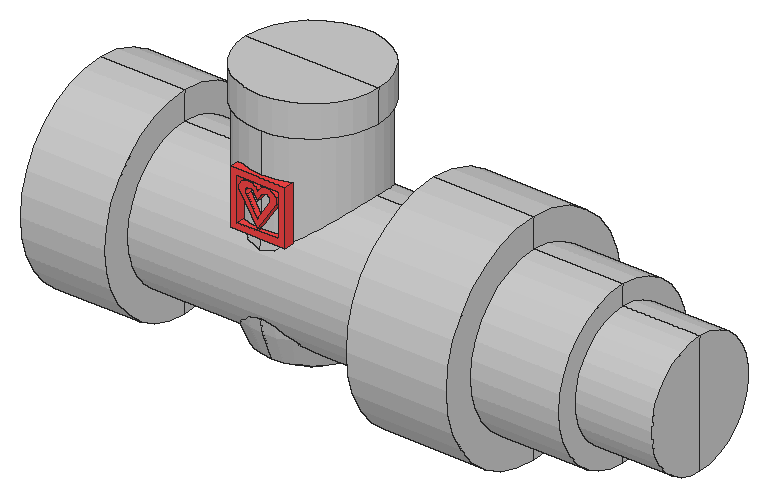
Revit family "Клапан запорный для отключения радиатора HERZ-RL-1, проходной 3723", category Rohrzubehör, Revit 2020
Family settings
  Bemaßung runder Anschluss = Durchmesser verwenden
  Teiletyp = Unterbricht
  OmniClass-Nummer = 23.65.55.14
  OmniClass-Titel = Valves for Liquid Services
  Arbeitsebenenbasiert = Nein
  Immer vertikal = Nein
  Beim Laden mit Abzugskörper schneiden = Nein
  Gemeinsam genutzt = Nein
Parameters
  Среда = "Качество воды в соответствии с ÖNORM H 5195 или директивой VDI 2035."
  Область применения = "Система водяного отопления. С помощью установки радиаторных запорных клапанов возможно осуществить перекрытие обратного потока нагревательных приборов. При одновременном перекрытии с клапаном на подающем трубопроводе возможен демонтаж радиатора в системе, которая находится под давлением. Промывку радиатора или ремонт помещения (оклеивание обоями, облицовку плиткой) можно проводить, не прерывая работу системы. Если требуется предварительная настройка клапанов для отключения радиаторов или заполнение и опорожнение радиаторов или системы при помощи данного клапана, рекомендуется установка клапана HERZ-RL-5."
  Номер заказа [instance] = size_lookup("3723_1_", "Artnr", 0, Nennweite)  # 1372342
  Макс. рабочее давление = 1000000.0 Pa  # constant formula
  Макс. рабочая температура = 120 °C  # constant formula
  Корпус = "Никелированная латунь"  # constant formula
  Исполнение = "Все модели поставляются в никелированном исполнении, это универсальные модели со специальной муфтой для резьбовой трубы и компрессионных фитингов."
  W01 = 60.00°  # constant formula
  Vorgabe-Ansicht = 0.000 mm
  URL = "www.herz-armaturen.ru"
  SCRNSEQ = "ARM;ARM_TYP=\"ALLF\";2"
  SCRNCODE = "05;01;02"  # constant formula
  S04 = 45.000 mm  # constant formula
  S03 = 61.000 mm  # constant formula
  S02 [instance] = L05 + L06 + L07  # 63.900 mm
  S01 = 10.000 mm  # constant formula
  R06 = 11.000 mm  # constant formula
  R05 = 25.000 mm  # constant formula
  R04 = 2.000 mm  # constant formula
  R03 = 28.000 mm  # constant formula
  R02 = 11.500 mm  # constant formula
  R01 = 10.500 mm  # constant formula
  Nennweite [instance] = 20.000 mm
  LO1 = 7.000 mm  # constant formula
  L07 [instance] = size_lookup("3723_1_", "L7", 1.000 mm, Nennweite)  # 27.400 mm
  L06 [instance] = size_lookup("3723_1_", "L6", 1.000 mm, Nennweite)  # 16.500 mm
  L05 [instance] = L02 - L04  # 20.000 mm
  L04 [instance] = size_lookup("3723_1_", "L4", 1.000 mm, Nennweite)  # 10.000 mm
  L03 [instance] = size_lookup("3723_1_", "L3", 1.000 mm, Nennweite)  # 14.000 mm
  L02 [instance] = size_lookup("3723_1_", "L2", 1.000 mm, Nennweite)  # 30.000 mm
  L01 [instance] = size_lookup("3723_1_", "L1", 1.000 mm, Nennweite)  # 35.000 mm
  Hersteller = "HERZ Armaturen Ges.m.b.H."  # constant formula
  H05 = 5.200 mm  # constant formula
  H04 = 3.500 mm  # constant formula
  H03 = 28.000 mm  # constant formula
  H02 [instance] = 25.500 mm  # constant formula
  H01 = 17.000 mm  # constant formula
  GTI [instance] = size_lookup("3723_1_", "GT1", 1.000 mm, Nennweite)  # 12.700 mm
  GT [instance] = size_lookup("3723_1_", "GT", 1.000 mm, Nennweite)  # 9.500 mm
  G2 [instance] = Nennweite / 2  # 10.000 mm
  G1 [instance] = Nennweite / 2  # 10.000 mm
  D05 [instance] = size_lookup("3723_1_", "D5", 1.000 mm, Nennweite)  # 13.220 mm
  D04 [instance] = size_lookup("3723_1_", "D4", 1.000 mm, Nennweite)  # 18.000 mm
  D03 [instance] = size_lookup("3723_1_", "D3", 1.000 mm, Nennweite)  # 13.000 mm
  D02 [instance] = size_lookup("3723_1_", "D2", 1.000 mm, Nennweite)  # 12.000 mm
  D01 [instance] = size_lookup("3723_1_", "D1", 1.000 mm, Nennweite)  # 16.500 mm
Reference planes
  plane 1 "Mitte (Vorne/hinten)": y = 0
  plane 2: z = 0
  plane 3 "Mitte (Links/rechts)": x = 0
Forms (mm)
  Revolve 1, solid, material "Messing, weicher Gelbton, geschweißt", detail levels fine
    sketch origin (0, 0, 0) x (1, 0, 0) y (0, 0, 1)
      loop
        line (-25.5, 0) -> (30, 0) -> (30, 13) -> (20, 13) -> (20, 12) -> (-21, 12) -> (-21, 16.5) -> (-35, 16.5) -> (-35, 10) -> (-25.5, 10) -> (-25.5, 0)
      axis (-35, 0) -> (30, 0)
    angle from 0 to 360
  Revolve 2, solid, material "Messing, weicher Gelbton, geschweißt", detail levels fine
    sketch origin (0, 0, 0) x (0, 1, 0) y (0, 0, 1)
      loop
        line (0, 25.5) -> (-10.5, 25.5) -> (-10.5, 7)
        arc (-10.5, 7) -> (-11.341, -2.816) -> (-8.325, -12.194) r 25
        line (-8.325, -12.194) -> (0, -17) -> (0, 25.5)
      axis (0, -17) -> (0, 25.5)
    angle from 0 to 360
  Revolve 3, solid, material "Messing, weicher Gelbton, geschweißt", detail levels fine
    sketch origin (0, 0, 0) x (1, 0, 0) y (0, 0, 1)
      loop
        line (30, 0) -> (63.9, 0) -> (63.9, 10) -> (51.2, 10) -> (51.2, 13.22) -> (36.5, 13.22) -> (36.5, 18) -> (20, 18) -> (20, 13) -> (30, 13) -> (30, 0)
      axis (20, 0) -> (63.9, 0)
    angle from 0 to 360
  Revolve 4, solid, material "Messing, weicher Gelbton, geschweißt", detail levels fine
    sketch origin (0, 0, 0) x (1, 0, 0) y (0, 0, 1)
      loop
        line (0, 22.8) -> (11, 22.8) -> (11, 28) -> (0, 28) -> (0, 22.8)
      axis (0, 28) -> (0, 22.8)
    angle from 0 to 360
Lines and regions (mm)
  model lines, detail levels coarse+medium
    curve 1: line (-35, 0, 16.5) -> (-35, 0, -16.5)
    curve 2: line (-35, 0, -16.5) -> (35, 0, 16.5)
    curve 3: line (35, 0, 16.5) -> (35, 0, -16.5)
    curve 4: line (35, 0, -16.5) -> (-35, 0, 16.5)
    curve 5: line (35, 0, 16.5) -> (45, 0, 16.5)
    curve 6: line (45, 0, 16.5) -> (35, 0, 0)
    curve 7: line (35, 0, -16.5) -> (45, 0, -16.5)
    curve 8: line (45, 0, -16.5) -> (35, 0, 0)
    curve 9: line (35, 0, 0) -> (63.9, 0, 0)
    curve 10: line (-35, 16.5, 0) -> (-35, -16.5, 0)
    curve 11: line (-35, -16.5, 0) -> (35, 16.5, 0)
    curve 12: line (35, 16.5, 0) -> (35, -16.5, 0)
    curve 13: line (35, -16.5, 0) -> (-35, 16.5, 0)
    curve 14: line (35, 16.5, 0) -> (45, 16.5, 0)
    curve 15: line (45, 16.5, 0) -> (35, 0, 0)
    curve 16: line (35, -16.5, 0) -> (45, -16.5, 0)
    curve 17: line (45, -16.5, 0) -> (35, 0, 0)
Dimensions and locks
  "L01": Revolve 1 sketch curve to plane 3 "Mitte (Links/rechts)"
  "L02": Revolve 1 sketch curve to plane 3 "Mitte (Links/rechts)"
  "G1": Revolve 1 sketch curve to plane 2
  "GT": Revolve 1 sketch curve to Revolve 1 sketch curve
  "D01": Revolve 1 sketch curve to Revolve 1 sketch curve
  "D02": Revolve 1 sketch curve to Revolve 1 sketch curve
  "D03": Revolve 1 sketch curve to Revolve 1 sketch curve
  "L03": Revolve 1 sketch curve to Revolve 1 sketch curve
  "L04": Revolve 1 sketch curve to Revolve 1 sketch curve
  "H01": plane 2 to Revolve 2 sketch curve
  "H02": Revolve 2 sketch curve to plane 2
  "R01": Revolve 2 sketch curve to plane 1 "Mitte (Vorne/hinten)"
  "R02": Revolve 2 sketch curve to plane 1 "Mitte (Vorne/hinten)"
  "D03": Revolve 3 sketch curve to plane 2
  "L04": Revolve 3 sketch curve to Revolve 3 sketch curve
  "L05": Revolve 3 sketch curve to plane 3 "Mitte (Links/rechts)"
  "L06": Revolve 3 sketch curve to Revolve 3 sketch curve
  "L07": Revolve 3 sketch curve to Revolve 3 sketch curve
  "D04": Revolve 3 sketch curve to Revolve 3 sketch curve
  "G2": Revolve 3 sketch curve to Revolve 3 sketch curve
  "D05": Revolve 3 sketch curve to Revolve 3 sketch curve
  "GTI": Revolve 3 sketch curve to Revolve 3 sketch curve
  "LO1": nested 1 to plane 2
  "D01": curve 4 to plane 2 to curve 2
  "D01": curve 3 to plane 2 to curve 4
  "L01": curve 1 to plane 3 "Mitte (Links/rechts)" to curve 3
  "S01": curve 3 to curve 6
  "S02": curve 9 to plane 3 "Mitte (Links/rechts)"
  "L01": curve 10 to plane 3 "Mitte (Links/rechts)" to curve 12
  "D01": curve 11 to plane 1 "Mitte (Vorne/hinten)" to curve 13
  "D01": curve 13 to plane 1 "Mitte (Vorne/hinten)" to curve 12
  "S01": curve 12 to curve 15
  "S01": curve 12 to curve 17
  "H03": Revolve 4 sketch curve to plane 2
  "H05": Revolve 4 sketch curve to Revolve 4 sketch curve
  "R06": Revolve 4 sketch curve to Revolve 4 sketch curve
  "R05": radius of Revolve 2 sketch curve
  "W01": angle Revolve 2 sketch curve to Revolve 2 sketch curve
  aligned and locked: level to plane 2
Automatic sketch dimensions
  curve 9 to level = 0.000 mm
  curve 3 to curve 8 = 10.000 mm
  plane 1 "Mitte (Vorne/hinten)" to curve 17 = 0.000 mm
  Revolve 1 sketch curve to level = 0.000 mm  (x2)
  Revolve 1 sketch curve to Revolve 1 sketch curve = 1436.530 mm
  Revolve 1 sketch curve to Revolve 1 sketch curve = 1779.148 mm
  Revolve 2 sketch curve to plane 1 "Mitte (Vorne/hinten)" = 0.000 mm  (x2)
  Revolve 2 sketch curve to level = 0.000 mm
  Revolve 2 sketch curve to Revolve 2 sketch curve = 98.333 mm
  Revolve 2 sketch curve to Revolve 2 sketch curve = 1236.335 mm
  Revolve 3 sketch curve to level = 0.000 mm  (x2)
  Revolve 3 sketch curve to plane 3 "Mitte (Links/rechts)" = 1506.530 mm
  Revolve 3 sketch curve to Revolve 3 sketch curve = 1789.648 mm
  Revolve 4 sketch curve to plane 3 "Mitte (Links/rechts)" = 0.000 mm  (x2)
  Revolve 4 sketch curve to level = 366.045 mm
  Revolve 4 sketch curve to Revolve 4 sketch curve = 2188.615 mm
Nested families
  nested 1: "Herz-Logo-vorne" at (0, -10.5, 11.5) x (0, 1, 0) z (0, 0, 1), type "Herz-Logo-vorne", detail levels fine
Connectors
  piping at (-25.5, 0, 0), diameter 20, driven by "Nennweite"
    settings: on Revolve 1, index 1, connector inside diameter 609.6 mm, connector length 0.000 mm, flow factor 0, pipe flow 0.0 L/s, pressure drop 0.0 Pa, fitting loss kfactor 0, connector angle 0.00°, fixture units 0, engagement length 0.000 mm, angle of deflection 0.00°, flow configuration 0, flow direction 1, fitting loss method 0, system type 8, joint type 0, gender type 0, connector reference index -1, connector utility 0, adjustable connector no, is connector primary yes, connector description ""
  piping at (63.9, 0, 0), diameter 20, driven by "Nennweite"
    settings: on Revolve 3, index 2, connector inside diameter 609.6 mm, connector length 0.000 mm, flow factor 0, pipe flow 0.0 L/s, pressure drop 0.0 Pa, fitting loss kfactor 0, connector angle 0.00°, fixture units 0, engagement length 0.000 mm, angle of deflection 0.00°, flow configuration 0, flow direction 2, fitting loss method 0, system type 8, joint type 0, gender type 0, connector reference index -1, connector utility 0, adjustable connector no, is connector primary no, connector description ""
Definition of nested family "Herz-Logo-vorne"
  Parameters (values of type "Herz-Logo-vorne")
    Default Elevation = 0.000 mm
  Reference planes
    plane 1 "Mitte (Vorne/hinten)": y = 0
    plane 2: z = 0
    plane 3 "Mitte (Links/rechts)": x = 0
  Forms (mm)
    Extrusion 1, solid
      sketch origin (0.732, -0.018, 0.017) x (0, -1, 0) y (0, 0, 1)
        loop
          line (-0.018, -4.517) -> (4.482, -4.517) -> (4.482, 4.483) -> (-4.518, 4.483) -> (-4.518, -4.517) -> (-0.018, -4.517)
        loop
          line (-0.05, -3.48) -> (3.482, -3.48) -> (3.482, 3.483) -> (-3.518, 3.483) -> (-3.518, -3.48) -> (-0.05, -3.48)
        loop
          arc (-0.018, 2.383) -> (-1.543, 3.287) -> (-3.067, 2.383) r 1.738
          arc (-3.067, 2.383) -> (-3.191, 1.899) -> (-3.067, 1.415) r 1.009
          line (-3.067, 1.415) -> (-0.018, -3.281) -> (3.032, 1.415)
          arc (3.032, 1.415) -> (3.156, 1.899) -> (3.032, 2.383) r 1.009
          arc (3.032, 2.383) -> (1.507, 3.287) -> (-0.018, 2.383) r 1.738
        loop
          arc (1.885, 1.272) -> (2.005, 1.675) -> (1.885, 2.079) r 0.74
          arc (1.885, 2.079) -> (1.265, 2.416) -> (0.644, 2.079) r 0.74
          line (0.644, 2.079) -> (-0.018, 0.97) -> (-0.679, 2.079)
          arc (-0.679, 2.079) -> (-1.3, 2.416) -> (-1.921, 2.079) r 0.74
          arc (-1.921, 2.079) -> (-2.04, 1.675) -> (-1.921, 1.272) r 0.74
          line (-1.921, 1.272) -> (-0.018, -1.658) -> (1.885, 1.272)
      from 0 to 1.5
  Dimensions and locks
    aligned and locked: level to plane 2
